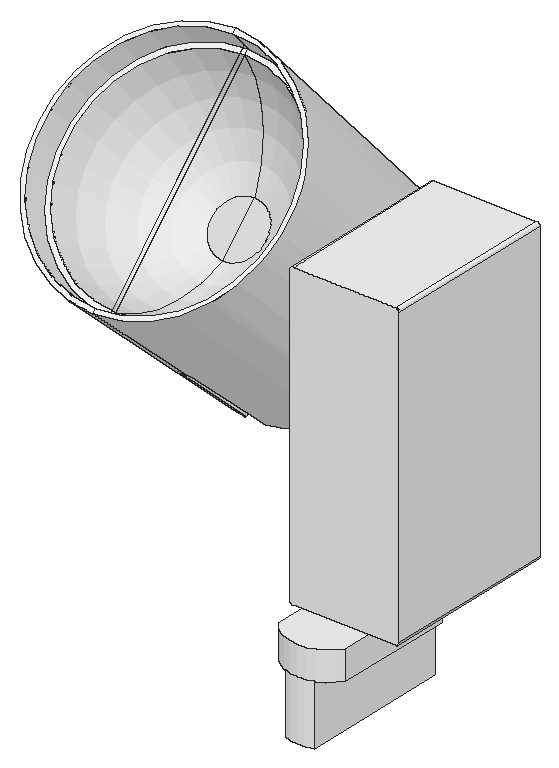
Revit family "0004881 Feilo Sylvania Lighting Fixture START TRACK SPOT L 55W 4K RA90 MB WHITE", category Lighting Fixtures, host Face, Revit 2017 (continued)
Definition of nested family "Start Track Spot Head"
  Types (96, lengths in mm): name | Wattage | built-in parameter 1150134 | Photometric Web File | Model | built-in parameter 1150105 | Lumens | built-in parameter 1150107 | built-in parameter 1150106 | HeadThickness_FEILO | HeadRibOffset_FEILO | HeadRibDepth_FEILO | HeadRibCutWidth_FEILO | HeadRibCutOffset_FEILO | HeadReflectorRadius_FEILO | HeadReflectorOffset_FEILO | HeadLEDRadius_FEILO | HeadHeight_FEILO | HeadDiffusorOffset_FEILO | HeadDiaOut_FEILO | HeadDiaIn_FEILO | HeadAxisFromTop_FEILO | Emit from Circle Diameter | built-in parameter 1150104 | Description | Apparent Load
    0004812 START TRACK SPOT S 14W 3K RA80 MB WHITE | 14 W | (empty or 0) | "0004812.ies" | "START TRACK SPOT S 14W 3K RA80 MB WHITE" | 120.32 (stored number, unit not read) | 1512 lm | 3000 (stored number, unit not read) | 1.2032 (stored number, unit not read) | 1.5 | 4.179 | 55.714 | 7.167 | 50.87 | 50.588 | 55.714 | 9.556 | 117 | 9.435 | 86 | 77.477 | 69.354 | 77.477 | 10.034 (stored number, unit not read) | "Integrated LED spotlight, Textured White - RAL9016, compact and minimalist design, ideal for retail applications, die-cast aluminium body, passive cooling heatsink. Beam angle: 36°, color temperature: 3000K , total system power: 14W, total fixture output: 1508 lm, LOR: 100%, colour rendering: Ra: 80 typical, LED Chromaticity: 3 step MacAdam ellipse, lifetime: >50000 hours at L70B50, energy class: A++, A+, A, IR/UV free light source without heat radiation, operating voltage: 220-240V / 50-60Hz, drive current: 350mA, electronic driver, non-dimmable, power factor: 0.92, electrical protection: Class II, Global Track 3 Phase adapter suitable for Global trac 3-circuit tracks, ingress protection rating: IP20, suitable for internal environment only, horizontal rotation: 355°, vertical tilt: 90°, dimensions: Ø86x140x200, weight: 0.940kg." | 14 VA
    0004811 START TRACK SPOT S 14W 3K RA80 NB WHITE | 14 W | (empty or 0) | "0004811.ies" | "START TRACK SPOT S 14W 3K RA80 NB WHITE" | 123.66 (stored number, unit not read) | 1554 lm | 3000 (stored number, unit not read) | 1.2366 (stored number, unit not read) | 1.5 | 4.179 | 55.714 | 7.167 | 50.87 | 50.588 | 55.714 | 9.556 | 117 | 9.435 | 86 | 77.477 | 69.354 | 77.477 | 10.312 (stored number, unit not read) | "Integrated LED spotlight, Textured White - RAL9016, compact and minimalist design, ideal for retail applications, die-cast aluminium body, passive cooling heatsink. Beam angle: 12°, color temperature: 3000K , total system power: 14W, total fixture output: 1551 lm, LOR: 100%, colour rendering: Ra: 80 typical, LED Chromaticity: 3 step MacAdam ellipse, lifetime: >50000 hours at L70B50, energy class: A++, A+, A, IR/UV free light source without heat radiation, operating voltage: 220-240V / 50-60Hz, drive current: 350mA, electronic driver, non-dimmable, power factor: 0.92, electrical protection: Class II, Global Track 3 Phase adapter suitable for Global trac 3-circuit tracks, ingress protection rating: IP20, suitable for internal environment only, horizontal rotation: 355°, vertical tilt: 90°, dimensions: Ø86x140x200, weight: 0.940kg." | 14 VA
  Reference planes
    plane 1 "Center (Front/Back)": y = 0
    plane 2: z = 0
    plane 3 "Center (Left/Right)": x = 0
    plane 4: x = 43
    plane 5: x = -43
    plane 6: x = -38.739
    plane 7: x = 38.739
    plane 8: z = 69.354
    plane 9: z = -47.646
    plane 10: x = -41.5
    plane 11: x = -37.239
    plane 12: z = -38.211
    plane 13: z = -35.211
    plane 14: z = 8.068
    plane 15: x = -9.556
    plane 16: x = -28.667
    plane 17: x = -19.111
    plane 18: x = -27.167
    plane 19: x = -17.611
    plane 20: x = -8.056
    plane 21: z = 13.64
    plane 22: x = -29.667
    plane 23: x = -26.167
    plane 24: x = -20.111
    plane 25: x = -16.611
    plane 26: x = -10.556
    plane 27: x = -7.056
    plane 28: x = -36.239
    plane 29: x = -40.5
    plane 30: z = 65.175
    plane 31: z = 60.997
    plane 32: z = 56.818
    plane 33: z = 18.484
    plane 34: y = -43
    plane 35: y = 43
    plane 36: y = 3.583
    plane 37: y = -3.583
    plane 38: y = -2.583
    plane 39: y = 2.583
    plane 40: y = 46
    plane 41: z = 13.5
    plane 42: z = -13.5
    plane 43: y = 39
    plane 44: x = 4.708
    plane 45: x = -2.458
    plane 46: x = -1.458
    plane 47: x = 1.458
  Forms (mm)
    Extrusion 1, solid
      sketch origin (4.2, 0, 0) x (1, 0, 0) y (0, 1, 0)
        loop
          line (-1219.2, 1219.2) -> (-1219.2, -1219.2) -> (1219.2, -1219.2) -> (1219.2, 1219.2) -> (-1219.2, 1219.2)
      from 0 to -68.017
    Revolve 2, solid, material <- "Material_1_FEILO", detail levels medium+fine
      sketch origin (0, 0, 0) x (1, 0, 0) y (0, 0, 1)
        loop
          line (-43, -47.646) -> (-41.5, -47.646) -> (-40.5, -35.211) -> (-38.739, -35.211)
          arc (-38.739, -35.211) -> (-30.16, -9.517) -> (-9.556, 8.068) r 50.588
          line (-9.556, 8.068) -> (0, 8.068) -> (0, 13.64) -> (-16.611, 13.64) -> (-17.611, 60.997) -> (-19.111, 60.997) -> (-20.111, 13.64) -> (-36.239, 13.64) -> (-37.239, 69.354) -> (-38.739, 69.354) -> (-43, -47.646)
        axis (0, 69.354) -> (0, -47.646)
      angle from 360 to 0
    Extrusion 3, void
      sketch origin (0, 0, 0) x (0, 1, 0) y (0, 0, 1)
        loop
          line (-3.583, 69.354) -> (-2.583, 18.484) -> (1.932, 18.484) -> (2.932, 69.354) -> (-3.583, 69.354)
      from 43 to -43
    Revolve 4, solid, material <- "Material_2_FEILO", detail levels medium+fine
      sketch origin (0, 0, 0) x (1, 0, 0) y (0, 0, 1)
        loop
          line (-41.5, -38.211) -> (0, -38.211) -> (0, -35.211) -> (-41.5, -35.211) -> (-41.5, -38.211)
        axis (0, -35.211) -> (0, -38.211)
      angle from 360 to 0
    Revolve 5, solid, material <- "Material_1_FEILO"
      sketch origin (0, 0, 0) x (0, 1, 0) y (0, 0, 1)
        loop
          line (46, 0) -> (39, 0) -> (39, -13.5) -> (46, -13.5) -> (46, 0)
        axis (39, 0) -> (46, 0)
      angle from 360 to 0
    Revolve 6, solid, material <- "Material_1_FEILO", detail levels medium+fine
      sketch origin (0, 0, 0) x (1, 0, 0) y (0, 0, 1)
        loop
          line (-29.667, 13.64) -> (-26.167, 13.64) -> (-27.167, 65.175) -> (-28.667, 65.175) -> (-29.667, 13.64)
        loop
          line (-10.556, 13.64) -> (-7.056, 13.64) -> (-7.833, 56.818) -> (-9.778, 56.818) -> (-10.556, 13.64)
        axis (0, 65.175) -> (0, 13.64)
      angle from 360 to 0
    Extrusion 7, void
      sketch origin (0, 0, 0) x (1, 0, 0) y (0, 0, 1)
        loop
          line (4.708, 69.354) -> (-2.458, 69.354) -> (-1.458, 13.64) -> (1.458, 13.64) -> (4.708, 69.354)
      from -43 to 43
    Revolve 8, solid, material <- "Material_1_FEILO", detail levels coarse
      sketch origin (0, 0, 0) x (1, 0, 0) y (0, 0, 1)
        loop
          line (0, 69.354) -> (-38.739, 69.354) -> (-43, -47.646) -> (-41.5, -47.646) -> (-40.731, -38.211) -> (0, -38.211) -> (0, 69.354)
        axis (0, 69.354) -> (0, -47.646)
      angle from 360 to 0
  Cuts and joins
    Extrusion 3 cuts Revolve 2
    Extrusion 7 cuts Revolve 6
  Dimensions and locks
    equal spacing: plane 7, plane 3 "Center (Left/Right)", plane 6
    equal spacing: plane 4, plane 3 "Center (Left/Right)", plane 5
    "HeadDiaOut_FEILO": plane 4 to plane 5
    "HeadDiaIn_FEILO": plane 7 to plane 6
    "HeadHeight_FEILO": plane 8 to plane 9
    "HeadThickness_FEILO": plane 10 to plane 5
    "HeadThickness_FEILO": plane 11 to plane 6
    "HeadDiffusorOffset_FEILO": plane 12 to plane 9
    "HeadDiffusorThickness_FEILO": plane 13 to plane 12
    "HeadReflectorOffset_FEILO": plane 14 to plane 9
    "HeadLEDRadius_FEILO": plane 3 "Center (Left/Right)" to plane 15
    "HeadLEDRadius_FEILO": plane 15 to plane 17
    "HeadLEDRadius_FEILO": plane 17 to plane 16
    "HeadThickness_FEILO": plane 18 to plane 16
    "HeadThickness_FEILO": plane 19 to plane 17
    "HeadThickness_FEILO": plane 20 to plane 15
    "HeadRibDepth_FEILO": plane 8 to plane 21
    "HeadDraft_FEILO": plane 16 to plane 22
    "HeadDraft_FEILO": plane 23 to plane 18
    "HeadDraft_FEILO": plane 17 to plane 24
    "HeadDraft_FEILO": plane 25 to plane 19
    "HeadDraft_FEILO": plane 15 to plane 26
    "HeadDraft_FEILO": plane 27 to plane 20
    "HeadDraft_FEILO": plane 29 to plane 10
    "HeadDraft_FEILO": plane 28 to plane 11
    "HeadRibOffset_FEILO": plane 8 to plane 30
    "HeadRibOffset_FEILO": plane 30 to plane 31
    "HeadRibOffset_FEILO": plane 31 to plane 32
    "HeadAxisFromTop_FEILO": plane 8 to plane 2
    "HeadRibCutOffset_FEILO": plane 8 to plane 33
    equal spacing: plane 34, plane 1 "Center (Front/Back)", plane 35
    "HeadDiaOut_FEILO": plane 34 to plane 35
    equal spacing: plane 38, plane 1 "Center (Front/Back)", plane 39
    equal spacing: plane 37, plane 1 "Center (Front/Back)", plane 36
    "HeadRibCutWidth_FEILO": plane 37 to plane 36
    "HeadDraft_FEILO": plane 37 to plane 38
    locked: plane 35 to plane 40 at 3
    equal spacing: plane 41, plane 2, plane 42
    locked: plane 42 to plane 41 at 27
    locked: plane 43 to plane 35 at 4
    equal spacing: plane 45, imposter light, plane 44
    "HeadDraft_FEILO": plane 46 to plane 45
    "HeadRibCutWidth_FEILO": plane 44 to plane 45
    equal spacing: plane 47, plane 3 "Center (Left/Right)", plane 46
    "HeadReflectorRadius_FEILO": radius of Revolve 2 sketch curve
    aligned and locked: plane 2 to Extrusion 1
    aligned and locked: level to Extrusion 1
    aligned and locked: Revolve 2 sketch curve to plane 3 "Center (Left/Right)"  (x2)
    aligned and locked: plane 9 to Revolve 2 sketch curve  (x2)
    aligned and locked: plane 5 to Revolve 2 sketch curve
    aligned and locked: plane 10 to Revolve 2 sketch curve
    aligned and locked: plane 14 to Revolve 2 sketch curve
    aligned and locked: plane 8 to Revolve 2 sketch curve
    aligned and locked: Revolve 2 sketch curve to plane 13
    aligned and locked: plane 12 to Revolve 4 sketch curve
    aligned and locked: plane 3 "Center (Left/Right)" to Revolve 4 sketch curve
    aligned and locked: Revolve 4 sketch curve to plane 10
    aligned and locked: Revolve 4 sketch curve to plane 3 "Center (Left/Right)"
    aligned and locked: plane 12 to imposter light
    aligned and locked: imposter light to plane 1 "Center (Front/Back)"
    aligned and locked: Revolve 5 sketch curve to plane 2
    aligned and locked: plane 43 to Revolve 5 sketch curve
    aligned and locked: plane 42 to Revolve 5 sketch curve
    aligned and locked: Revolve 6 sketch curve to plane 3 "Center (Left/Right)"
    aligned and locked: plane 22 to Revolve 6 sketch curve
    aligned and locked: plane 30 to Revolve 6 sketch curve
    aligned and locked: plane 23 to Revolve 6 sketch curve
    aligned and locked: Revolve 6 sketch curve to plane 21  (x2)
    aligned and locked: plane 21 to Revolve 6 sketch curve
    aligned and locked: plane 17 to Revolve 2 sketch curve
    aligned and locked: plane 19 to Revolve 2 sketch curve
    aligned and locked: plane 31 to Revolve 2 sketch curve
    aligned and locked: plane 21 to Revolve 2 sketch curve
    aligned and locked: Extrusion 3 to plane 8
    aligned and locked: plane 33 to Extrusion 3
    aligned and locked: plane 8 to Extrusion 3 sketch curve
    aligned and locked: Extrusion 3 sketch curve to plane 33
    aligned and locked: Extrusion 3 to plane 5
    aligned and locked: plane 4 to Extrusion 3
    aligned and locked: plane 32 to Revolve 6 sketch curve
    aligned and locked: plane 44 to Extrusion 7 sketch curve
    aligned and locked: Extrusion 7 sketch curve to plane 8
    aligned and locked: plane 46 to Extrusion 7 sketch curve
    aligned and locked: plane 21 to Extrusion 7 sketch curve
    aligned and locked: plane 34 to Extrusion 7
    aligned and locked: Extrusion 7 to plane 35
    aligned and locked: Revolve 4 sketch curve to plane 13
    aligned and locked: Revolve 5 sketch curve to plane 40
    aligned and locked: Revolve 8 sketch curve to plane 3 "Center (Left/Right)"
    aligned and locked: Revolve 8 sketch curve to cut or joined group of Revolve 2, Extrusion 3  (x3)
    aligned and locked: plane 5 to Revolve 8 sketch curve
    aligned and locked: plane 3 "Center (Left/Right)" to Revolve 8 sketch curve
    aligned and locked: plane 12 to Revolve 8 sketch curve
  Automatic sketch dimensions
    Extrusion 1 sketch curve to Extrusion 1 sketch curve = 2438.4 mm  (x2)
    Extrusion 3 sketch curve to plane 37 = 0 mm
    Extrusion 3 sketch curve to plane 38 = 0 mm
    plane 39 to Extrusion 3 sketch curve = 0.651 mm
    Extrusion 3 sketch curve to plane 39 = 0.349 mm
    Revolve 6 sketch curve to plane 16 = 0 mm
    Revolve 6 sketch curve to plane 18 = 0 mm
    Revolve 6 sketch curve to plane 26 = 0 mm
    Revolve 6 sketch curve to plane 27 = 0 mm
    Revolve 6 sketch curve to plane 15 = 0.222 mm
    plane 9 to Revolve 6 sketch curve = 559.103 mm
    Revolve 6 sketch curve to plane 8 = 2535.555 mm
    plane 20 to Revolve 6 sketch curve = 0.222 mm
    Revolve 2 sketch curve to plane 29 = 0 mm
    Revolve 2 sketch curve to plane 6 = 0 mm  (x2)
    Revolve 2 sketch curve to plane 11 = 0 mm
    Revolve 2 sketch curve to plane 21 = 0 mm
    Revolve 2 sketch curve to plane 28 = 0 mm
    Revolve 2 sketch curve to plane 24 = 0 mm
    Revolve 2 sketch curve to plane 25 = 0 mm
    Revolve 2 sketch curve to plane 15 = 0 mm
    Revolve 2 sketch curve to Revolve 2 sketch curve = 557.155 mm
    Revolve 2 sketch curve to plane 8 = 2535.558 mm
    Extrusion 7 sketch curve to plane 45 = 0 mm
    Extrusion 7 sketch curve to plane 47 = 0 mm
    plane 9 to Revolve 4 sketch curve = 559.103 mm
    Revolve 4 sketch curve to plane 8 = 2535.555 mm
    Revolve 5 sketch curve to level = 0 mm
    plane 34 to Revolve 5 sketch curve = 1968.092 mm
    Revolve 5 sketch curve to plane 40 = 1405.763 mm
    Revolve 8 sketch curve to plane 6 = 0 mm
    Revolve 8 sketch curve to plane 29 = 0.231 mm
    plane 9 to Revolve 8 sketch curve = 559.103 mm
    Revolve 8 sketch curve to Revolve 8 sketch curve = 2535.555 mm
Definition of nested family "Start Track Spot Box"
  Parameters (values of type "Type Large White")
    URL = "http://www.feilosylvania.com"
    Type Image = (empty or 0)
    Type Comments = "n/a"
    Small_FEILO = no
    Material_3_FEILO = none
    Model = ""
    Manufacturer = "Feilo Sylvania"
    Keynote = ""
    Material_2_FEILO = none
    Description = ""
    Default Elevation = 1219.2 mm
    Cost = 0
    Material_1_FEILO = none
    BoxWidth_FEILO = 49 mm
    BoxStartAngle_FEILO [instance] = 0.00°
    BoxRadius_FEILO = 1.5 mm
    BoxHeight_FEILO = if(Small_FEILO, 112 mm, 136 mm)  # 136 mm
    BoxEndAngle_FEILO [instance] = BoxStartAngle_FEILO - 180.00°  # -180.00°
    BoxDepth_FEILO = if(Small_FEILO, 71.5 mm, 79 mm)  # 79 mm
    BoxAxisVerticalOffset_FEILO = 16 mm
    BoxAxisOffset_FEILO = BoxHeight_FEILO / 6.8  # 20 mm
    Assembly Code = ""
    Material_4_FEILO = none
  Types (4, lengths in mm): name | Small_FEILO | BoxHeight_FEILO | BoxDepth_FEILO | BoxAxisOffset_FEILO
    Type Large White | no | 136 | 79 | 20
    Type Small White | yes | 112 | 71.5 | 16.471
    Type Small Black | yes | 112 | 71.5 | 16.471
    Type Large Black | no | 136 | 79 | 20
  Reference planes
    plane 1 "Center (Front/Back)": y = 0
    plane 2: z = 0
    plane 3 "Center (Left/Right)": x = 0
    plane 4: x = 24.5
    plane 5: x = -24.5
    plane 6: y = 68
    plane 7: y = -68
    plane 8: z = 39.5
    plane 9: z = -39.5
    plane 10: y = -48
    plane 11: x = 30.5
    plane 12: x = 8.5
    plane 13: x = 21.5
    plane 14: y = 70
    plane 15: y = 72
    plane 16: x = 19.5
  Forms (mm)
    Extrusion 1, solid
      sketch origin (4.2, 0, 0) x (1, 0, 0) y (0, 1, 0)
        loop
          line (-1219.2, 1219.2) -> (-1219.2, -1219.2) -> (1219.2, -1219.2) -> (1219.2, 1219.2) -> (-1219.2, 1219.2)
      from 0 to -68.017
    Extrusion 2, solid, material <- "Material_1_FEILO"
      sketch origin (0, 0, 0) x (1, 0, 0) y (0, 1, 0)
        loop
          arc (-23, 68) -> (-24.061, 67.561) -> (-24.5, 66.5) r 1.5
          line (-24.5, 66.5) -> (-24.5, -66.5)
          arc (-24.5, -66.5) -> (-24.061, -67.561) -> (-23, -68) r 1.5
          line (-23, -68) -> (23, -68)
          arc (23, -68) -> (24.061, -67.561) -> (24.5, -66.5) r 1.5
          line (24.5, -66.5) -> (24.5, 66.5)
          arc (24.5, 66.5) -> (24.061, 67.561) -> (23, 68) r 1.5
          line (23, 68) -> (-23, 68)
      from -39.5 to 39.5
    Revolve 3, solid, not visible
      sketch origin (0, 0, 0) x (1, 0, 0) y (0, 1, 0)
        loop
          line (30.5, -48) -> (24.5, -48) -> (24.5, -68) -> (30.5, -68) -> (30.5, -48)
        axis (30.5, -48) -> (24.5, -48)
      angle from 0 <- "BoxStartAngle_FEILO" to -180 <- "BoxEndAngle_FEILO"
    Revolve 4, solid, material <- "Material_2_FEILO"
      sketch origin (0, 0, 0) x (1, 0, 0) y (0, 1, 0)
        loop
          line (8.5, 68) -> (19.5, 68) -> (19.5, 70) -> (21.5, 70) -> (21.5, 72) -> (8.5, 72) -> (8.5, 68)
        axis (8.5, 72) -> (8.5, 68)
      angle from 360 to 0
  Dimensions and locks
    equal spacing: plane 5, plane 3 "Center (Left/Right)", plane 4
    "BoxWidth_FEILO": plane 5 to plane 4
    equal spacing: plane 7, plane 1 "Center (Front/Back)", plane 6
    "BoxHeight_FEILO": plane 7 to plane 6
    equal spacing: plane 8, plane 2, plane 9
    "BoxDepth_FEILO": plane 8 to plane 9
    "BoxAxisOffset_FEILO": plane 7 to plane 10
    locked: plane 4 to plane 11 at 6
    "BoxAxisVerticalOffset_FEILO": plane 12 to plane 4
    locked: plane 12 to plane 13 at 13
    plane 6 to plane 14 to plane 15 = 2 mm locked, 2 mm locked
    locked: plane 12 to plane 16 at 11
    "BoxRadius_FEILO": radius of Extrusion 2 sketch curve  (x4)
    aligned and locked: plane 2 to Extrusion 1
    aligned and locked: level to Extrusion 1
    aligned and locked: plane 6 to Extrusion 2 sketch curve
    aligned and locked: plane 5 to Extrusion 2 sketch curve
    aligned and locked: Extrusion 2 sketch curve to plane 7
    aligned and locked: Extrusion 2 sketch curve to plane 4
    aligned and locked: Extrusion 2 to plane 8
    aligned and locked: plane 9 to Extrusion 2
    aligned and locked: Revolve 3 sketch curve to plane 10  (x2)
    aligned and locked: plane 11 to Revolve 3 sketch curve
    aligned and locked: Revolve 3 sketch curve to plane 4
    aligned and locked: plane 7 to Revolve 3 sketch curve
    aligned and locked: Revolve 4 sketch curve to plane 12
    aligned and locked: plane 6 to Revolve 4 sketch curve
    aligned and locked: plane 12 to Revolve 4 sketch curve
    aligned and locked: plane 15 to Revolve 4 sketch curve
    aligned and locked: Revolve 4 sketch curve to plane 13
    aligned and locked: Revolve 4 sketch curve to plane 14
    aligned and locked: Revolve 4 sketch curve to plane 16
    aligned and locked: Revolve 4 sketch curve to plane 6
  Automatic sketch dimensions
    Extrusion 1 sketch curve to Extrusion 1 sketch curve = 2438.4 mm  (x2)
    Revolve 3 sketch curve to plane 5 = 1499.5 mm
    plane 11 to Revolve 3 sketch curve = 1493.5 mm
    plane 15 to Revolve 4 sketch curve = 0 mm
    plane 7 to Revolve 4 sketch curve = 1456 mm
    Revolve 4 sketch curve to plane 15 = 1452 mm
